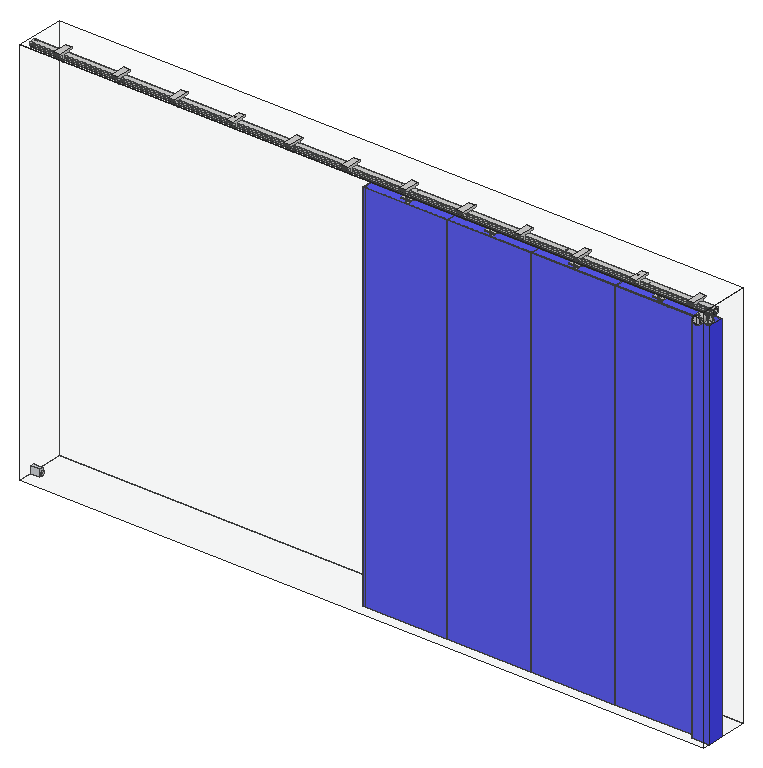
Revit family "Somati-System_SGS_Horizontal-fire-sliding-door_9050_ceiling_EI120_W-to-H-less-or-equal-1,3", category Doors, host Wall, Revit 2018
Family settings
  Host = Wall
  OmniClass Number = 23.30.10.00
  OmniClass Title = Doors
  Always vertical = Yes
  Cut with Voids When Loaded = No
  Shared = No
  Room Calculation Point = No
Parameters (values of type "EI 120")
  Youtube clip = "https://www.youtube.com/watch?v=pRjbxBvixFY&feature=emb_logo"
  Wing top offset [instance] = 136 mm  # constant formula
  Wing thickness = 81.2 mm
  Wing access (D) [instance] = [Width (W)] + 200 mm  # 3700 mm
  Width (W) [instance] = 3500 mm
  Weight Net (Kg) = "0"
  Uniformat II Description = ""
  Uniformat II Code = ""
  Uniclass 2015 Name = ""
  Uniclass 2015 Code = ""
  Uniclass 2.0 Description = ""
  Uniclass 2.0 Code = ""
  Uniclass 1.4 Description = ""
  Uniclass 1.4 Code = ""
  UNSPSC Code = ""
  Total height (Z) [instance] = Height Control + 302 mm  # 4302 mm
  Thickness = 0 mm
  Technical description = "https://somati-system.pl/en/download/sgs-download-en/"
  Region South America = "None"
  Region Oceania = "None"
  Region North America = "None"
  Region Middle East = "None"
  Region Europe = "AD, AL, AT, AX, BA, BE, BG, BY, CH, CY, CZ, DE, DK, EE, ES, FI, FO, FR, GB, GG, GI, GR, HR, HU, IE, IM, IS, IT, JE, LI, LT, LU, LV, MC, MD, ME, MK, MT, NL, NO, PL, PT, RO, RS, RU, SE, SI, SJ, SK, SM, UA, VA"
  Region Asia = "None"
  Region Antarctica = "None"
  Region Africa = "None"
  Rail and assembly materials [instance] = Somati - Stainless Steel - 7035
  QR code = "http://bimobject.com/somati-system/product/SGS_HORIZONTAL_FIRE_SLIDING_DOOR"
  Product url = "https://somati-system.pl/en/products/sgs-horizontal-fire-sliding-doors/"
  Product group = "SGS"
  Product family = "SGS"
  Product data url = "https://bimobject.com/somati-system/product/SGS_HORIZONTAL_FIRE_SLIDING_DOOR"
  Product certification = ""
  Product SKU = "SGS_HORIZONTAL_FIRE_SLIDING_DOOR"
  Product Guid = "8235eb12-0acf-4b60-9ca9-7613396e8d01"
  Power supply of control panel = "230V/50Hz/6A"  # constant formula
  Panel width [instance] = ([Width (W)] + 205 mm) / Number of panels in wing  # 926.25 mm
  Panel material = Somati - Stainless Steel - Custom
  Panel height [instance] = Height Control + Wing top offset  # 4136 mm
  OmniClass Description = ""
  OmniClass Code = ""
  Offset Right [instance] = [Counterweight housing (A2)]  # 210 mm
  Offset Left [instance] = [Counterweight housing (A2)]  # 210 mm
  Number of panels in wing [instance] = roundup([Width (W)] / 1000 mm)  # 4
  Number of hangers [instance] = ([Guide rail length (K)] - 210 mm) / 600 mm  # 12
  Nominal width = 0 mm
  Nominal height = 0 mm
  NBS Reference Description = ""
  NBS Reference Code = ""
  Model = "SGS"  # constant formula
  Max number of opening cycles = 50000  # constant formula
  Material secondary = "Composite"
  Material main = "Steel"
  Masterformat 2014 Description = ""
  Masterformat 2014 Code = ""
  Manufacturer name = "Somati System"
  Manufacturer country = "Poland"
  Manufacturer = "Somati System"  # constant formula
  Installation instructions = ""
  IFC Classification = ""
  Height Control [instance] = if([Height (H)] < 3501 mm, 3501 mm, [Height (H)])  # 4000 mm
  Height (H) [instance] = 4000 mm
  Guide rail lower edge (B1) [instance] = Height Control + 170 mm  # 4170 mm
  Guide rail length (K) [instance] = [Wing access (D)] + [Width (W)] + [Counterweight housing (A2)]  # 7410 mm
  Gate Control type = "Electromagnetic brake"  # constant formula
  GTIN code = ""
  Function = Interior
  Height = 2000 mm
  Wall Closure = By host
  Width = 1000 mm
  Fire resistance = "EI 60, EI 120 n"  # constant formula
  Edition number = 1
  Design country = "Poland"
  Date of publishing = ""
  Counterweight housing (A2) [instance] = if([Width (W)] / Height Control > 1.3, 360 mm, 210 mm)  # 210 mm
  Console mounting axis (B2) [instance] = if(Height Control > 3500 mm, Height Control + 239 mm, Height Control + 179 mm)  # 4239 mm
  Clearance Area Visibility [instance] = yes
  COBIe Type Category = ""
  Buffer (A1) [instance] = [Wing access (D)] + 130 mm  # 3830 mm
  Brand url = ""
  BIMobject main category code = "doors"
  BIMobject main category = "Doors"
  BIMobject category code = "doors-fire"
  BIMobject category = "Fire Doors & Shutters"
  Available surface fnish = "Galvanized Stainless Steel PVC, MDF, HDF, laminate or veneer, STANDARD RAL 7035, 9002, 9006, 9010, and powder coating of whole RAL pallet"  # constant formula
Reference planes
  plane 1: y = 0
  plane 2 "Center (Left/Right)": x = 0
  plane 3 "Left": x = -1750
  plane 4 "Right": x = 1750
  plane 5 "Cutout height": z = 4000
  plane 6 "Exterior": y = 150
  plane 7 "Interior": y = -150
  plane 8 "Consoles mounting axis": z = 4239
  plane 9 "Total height top": z = 4302
  plane 10 "Guide rail bottom": z = 4170
  plane 11 "Wing access": x = -5450
  plane 12 "Buffer placement": x = -5580
  plane 13 "Counterweight housing": x = 1960
  plane 14 "Handle": z = 1050
  plane 15 "Wing end left": x = -1895
  plane 16 "Wing end top": z = 4136
  plane 17 "Wing end right": x = 1810
  plane 18: y = -324
  plane 19 "Wing axis": y = -237.5
  plane 20: y = -75
  plane 21 "aaa": y = -196.9
  plane 22: y = -278.1
  plane 23: x = -1897
  plane 24 "end of hangers": x = -5240
  plane 25: x = -1040
  plane 26: x = -1795
  plane 27: y = -303.1
  plane 28: y = -159.9
  plane 29: x = 1960
  plane 30: z = 4202
  plane 31: x = 1885
  plane 32: y = -406.495
Forms (mm)
  Sweep 1, solid
    path origin (0, -150, 0) x (1, 0, 0) y (0, 0, 1)
      loop
        line (-1750, 0) -> (-1750, 3982) -> (1750, 3982)
    profile origin (-1750, -150, 1991) x (-1, 0, 0) y (0, -1, 0)
      loop
        line (5, 33) -> (5, 4)
        arc (5, 4) -> (6.172, 1.172) -> (9, 0) r 4
        line (9, 0) -> (107.587, 0)
        arc (107.587, 0) -> (110.415, 1.172) -> (111.587, 4) r 4
        line (111.587, 4) -> (111.587, 29)
        arc (111.587, 29) -> (112.173, 30.414) -> (113.587, 31) r 2
        line (113.587, 31) -> (134.587, 31) -> (134.587, 33) -> (5, 33)
  Sweep 2, solid, material "Somati - Stainless Steel - Custom" <- "Panel material"
    path origin (0, -150, 0) x (1, 0, 0) y (0, 0, 1)
      loop
        line (-1895, 4136) -> (-1895, 0)
    profile origin (-1895, -150, 2068) x (0, -1, 0) y (1, 0, 0)
      loop
        arc (9.9, 2) -> (11.072, -0.828) -> (13.9, -2) r 4
        line (13.9, -2) -> (126.1, -2)
        arc (126.1, -2) -> (128.928, -0.828) -> (130.1, 2) r 4
        line (130.1, 2) -> (130.1, 13) -> (128.1, 13) -> (128.1, 2)
        arc (128.1, 2) -> (127.514, 0.586) -> (126.1, 0) r 2
        line (126.1, 0) -> (13.9, 0)
        arc (13.9, 0) -> (12.486, 0.586) -> (11.9, 2) r 2
        line (11.9, 2) -> (11.9, 23) -> (9.9, 23) -> (9.9, 2)
  Sweep 3, solid, material "Somati - Stainless Steel - Custom" <- "Panel material"
    path origin (0, -150, 0) x (1, 0, 0) y (0, 0, 1)
      loop
        line (-1897, 4136) -> (1810, 4136)
    profile origin (-43.5, -150, 4136) x (0, 0, 1) y (0, -1, 0)
      loop
        line (-23, 19.5) -> (-23, 17.5) -> (-2, 17.5)
        arc (-2, 17.5) -> (0.828, 18.672) -> (2, 21.5) r 4
        line (2, 21.5) -> (2, 117.5) -> (0, 117.5) -> (0, 21.5)
        arc (0, 21.5) -> (-0.586, 20.086) -> (-2, 19.5) r 2
        line (-2, 19.5) -> (-23, 19.5)
  Sweep 4, solid, material "Somati - Stainless Steel - Custom" <- "Panel material"
    path origin (0, -150, 0) x (1, 0, 0) y (0, 0, 1)
      loop
        line (1960, 4136) -> (1960, 0)
    profile origin (1960, -150, 2068) x (0, -1, 0) y (1, 0, 0)
      loop
        line (174, -198) -> (174, 0) -> (0, 0) -> (0, -201) -> (33, -201) -> (33, -152) -> (137, -152) -> (137, -198) -> (174, -198)
      loop
        line (2, -150) -> (140, -150) -> (140, -195) -> (170, -195) -> (170, -3) -> (2, -3) -> (2, -150)
  Sweep 5, solid, material "Somati - Stainless Steel - 7035" <- "Rail and assembly materials"
    path origin (0, -150, -4.5) x (1, 0, 0) y (0, 0, 1)
      loop
        line (-5580, 4170) -> (1960, 4170)
    profile origin (-1810, -150, 4165.5) x (0, 0, 1) y (0, -1, 0)
      loop
        line (102.5, 57.25) -> (79.893, 57.25) -> (54.812, 63.938) -> (52.5, 66.25) -> (52.5, 77.75) -> (49.5, 77.75) -> (49.5, 67.628)
        arc (49.5, 67.628) -> (50.949, 63.363) -> (54.696, 60.864) r 7
        line (54.696, 60.864) -> (78.614, 54.486)
        arc (78.614, 54.486) -> (79.508, 54.309) -> (80.417, 54.25) r 7
        line (80.417, 54.25) -> (102.5, 54.25)
        arc (102.5, 54.25) -> (107.45, 56.3) -> (109.5, 61.25) r 7
        line (109.5, 61.25) -> (109.5, 112.25)
        arc (109.5, 112.25) -> (107.45, 117.2) -> (102.5, 119.25) r 7
        line (102.5, 119.25) -> (80.417, 119.25)
        arc (80.417, 119.25) -> (79.508, 119.191) -> (78.614, 119.014) r 7
        line (78.614, 119.014) -> (54.696, 112.636)
        arc (54.696, 112.636) -> (50.949, 110.137) -> (49.5, 105.872) r 7
        line (49.5, 105.872) -> (49.5, 95.75) -> (52.5, 95.75) -> (52.5, 107.25) -> (54.812, 109.562) -> (79.893, 116.25) -> (102.5, 116.25)
        arc (102.5, 116.25) -> (105.328, 115.078) -> (106.5, 112.25) r 4
        line (106.5, 112.25) -> (106.5, 61.25)
        arc (106.5, 61.25) -> (105.328, 58.422) -> (102.5, 57.25) r 4
  Extrusion 6, solid, material "Clearance Areas", visible <- "Clearance Area Visibility"
    sketch origin (-2209.467, 358.585, 220.701) x (1, 0, 0) y (0, 0, -1)
      loop
        line (-3370.533, 220.701) -> (-3370.533, -4081.299) -> (4169.467, -4081.299) -> (4169.467, 220.701) -> (-3370.533, 220.701)
    from -765.08 to -208.585
  Sweep 7, solid, material "Somati - Stainless Steel - Custom" <- "Panel material"
    path origin (0, -150, 0) x (1, 0, 0) y (0, 0, 1)
      loop
        line (1750, 0) -> (1750, 4136)
    profile origin (1750, -150, 2068) x (-1, 0, 0) y (0, -1, 0)
      loop
        line (-9, 0) -> (-9, 33) -> (-58, 33) -> (-58, 124) -> (-12, 124) -> (-12, 161) -> (-60, 161) -> (-60, 0) -> (-9, 0)
Lines and regions (mm)
  Opening 1
    outline origin (-3050, -150, 0) x (1, 0, 0) y (0, 0, 1)
      loop
        line (1300, 0) -> (4800, 0) -> (4800, 4000) -> (1300, 4000) -> (1300, 0)
Text (mm)
  text "Exterior" at (-2295.016, 1099.543, 0), in view "Ref. Level"
  text "Exterior" at (0, 1615.38, 3698.081), in view "Left"
  text "Exterior" at (0, 1036.032, 3874.932), in view "Right"
Dimensions and locks
  equal spacing: plane 3 "Left", plane 2 "Center (Left/Right)", plane 4 "Right"
  "Width (W)": plane 3 "Left" to plane 4 "Right"
  "Height Control": plane 5 "Cutout height" to host wall
  host wall to plane 5 "Cutout height" = 4000 mm  (x2)
  locked: plane 6 "Exterior" to host wall at 0
  locked: plane 7 "Interior" to host wall
  "Total height (Z)": plane 9 "Total height top" to level
  "Console mounting axis (B2)": plane 8 "Consoles mounting axis" to level
  "Guide rail lower edge (B1)": plane 10 "Guide rail bottom" to level
  "Buffer (A1)": plane 12 "Buffer placement" to plane 3 "Left"
  "Counterweight housing (A2)": plane 4 "Right" to plane 13 "Counterweight housing"
  "Wing access (D)": plane 11 "Wing access" to plane 3 "Left"
  locked: plane 14 "Handle" to level at 1050
  equal spacing: plane 21 "aaa", plane 19 "Wing axis", plane 22
  equal spacing: group 1, group 6, group 14, group 2  (x3)
  locked: plane 4 "Right" to plane 17 "Wing end right" at 60
  "Wing top offset": plane 16 "Wing end top" to plane 5 "Cutout height"
  locked: plane 23 to plane 15 "Wing end left" at 2
  locked: Sweep 1 sketch curve to plane 5 "Cutout height" at 18
  locked: plane 24 "end of hangers" to plane 11 "Wing access" at 210
  equal spacing: group 4, group 16, group 15, group 13, group 12, group 11, group 10, group 9, group 8, group 7, group 5, group 3
  equal spacing: group 3, group 5, group 7, group 8, group 9, group 10, group 11, group 12, group 13, group 15, group 16, group 4  (x2)
  locked: plane 26 to plane 3 "Left" at 45
  locked: plane 28 to plane 21 "aaa" at 37
  locked: plane 22 to plane 27 at 25
  locked: plane 15 "Wing end left" to plane 3 "Left" at 145
  locked: Sweep 4 sketch curve to Sweep 4 sketch curve at 3
  "Offset Right": plane 4 "Right" to plane 29
  nested 4 to Sweep 5 = 3 mm
  locked: plane 19 "Wing axis" to host wall at 87.5
  locked: plane 30 to plane 16 "Wing end top" at 66
  equal spacing: plane 17 "Wing end right", plane 31, plane 29
  locked: host wall to plane 32 at 256.495
  aligned and locked: plane 3 "Left" to Opening 1 sketch curve
  aligned and locked: plane 5 "Cutout height" to Opening 1 sketch curve  (x2)
  aligned and locked: Opening 1 sketch curve to plane 4 "Right"
  aligned and locked: Opening 1 sketch curve to level
  aligned and locked: host wall to plane 1
  aligned and locked: nested 1 to plane 19 "Wing axis"
  aligned and locked: plane 15 "Wing end left" to nested 1
  aligned and locked: plane 17 "Wing end right" to nested 2
  aligned and locked: Sweep 1 sketch curve to plane 3 "Left"  (x2)
  aligned and locked: Sweep 1 sketch curve to plane 4 "Right"
  aligned and locked: level to Sweep 1 sketch curve
  aligned and locked: Sweep 2 sketch curve to plane 15 "Wing end left"
  aligned and locked: plane 16 "Wing end top" to Sweep 2 sketch curve
  aligned and locked: level to Sweep 2 sketch curve
  aligned and locked: Sweep 3 sketch curve to plane 16 "Wing end top"
  aligned and locked: Sweep 3 sketch curve to plane 23
  aligned and locked: plane 16 "Wing end top" to Sweep 4 sketch curve
  aligned and locked: plane 17 "Wing end right" to Sweep 3 sketch curve
  aligned and locked: nested 3 to plane 9 "Total height top"
  aligned and locked: nested 3 to plane 19 "Wing axis"
  aligned and locked: nested 3 to plane 4 "Right"
  aligned and locked: nested 4 to plane 24 "end of hangers"
  aligned and locked: nested 4 to plane 9 "Total height top"
  aligned and locked: plane 6 "Exterior" to Extrusion 6
  aligned and locked: plane 13 "Counterweight housing" to Extrusion 6
  aligned and locked: Extrusion 6 to plane 12 "Buffer placement"
  aligned and locked: plane 9 "Total height top" to Extrusion 6
  aligned and locked: nested 2 to plane 19 "Wing axis"
  aligned and locked: plane 19 "Wing axis" to nested 4
  aligned and locked: profile plane to Sweep 4 sketch curve
  aligned and locked: plane 17 "Wing end right" to Sweep 4 sketch curve
  aligned and locked: nested 6 to plane 19 "Wing axis"
  aligned and locked: nested 6 to plane 12 "Buffer placement"
  aligned and locked: Sweep 7 sketch curve to plane 4 "Right"
  aligned and locked: plane 16 "Wing end top" to Sweep 7 sketch curve
  aligned and locked: plane 29 to Sweep 5 sketch curve
  aligned and locked: nested 18 to plane 30
  aligned and locked: plane 19 "Wing axis" to nested 18
  aligned and locked: plane 31 to nested 18
  aligned and locked: Extrusion 6 to plane 32
  aligned and locked: plane 12 "Buffer placement" to Sweep 5 sketch curve
Automatic sketch dimensions
  Sweep 3 sketch curve to Sweep 3 sketch curve = 0 mm  (x2)
  profile plane to Sweep 3 sketch curve = 0 mm
  profile plane to Sweep 3 sketch curve = 2 mm
  Sweep 3 sketch curve to Sweep 3 sketch curve = 21 mm
  Sweep 3 sketch curve to Sweep 3 sketch curve = 2 mm
  plane 7 "Interior" to Sweep 3 sketch curve = 17.5 mm
  Sweep 3 sketch curve to Sweep 3 sketch curve = 96 mm
  Sweep 4 sketch curve to level = 0 mm
  Sweep 4 sketch curve to plane 13 "Counterweight housing" = 0 mm
  plane 7 "Interior" to Sweep 4 sketch curve = 0 mm
  plane 7 "Interior" to Sweep 4 sketch curve = 2 mm
  Sweep 4 sketch curve to Sweep 4 sketch curve = 31 mm
  Sweep 4 sketch curve to Sweep 4 sketch curve = 104 mm
  Sweep 4 sketch curve to Sweep 4 sketch curve = 3 mm  (x2)
  Sweep 4 sketch curve to Sweep 4 sketch curve = 30 mm
  Sweep 4 sketch curve to Sweep 4 sketch curve = 4 mm
  Sweep 4 sketch curve to Sweep 4 sketch curve = 2 mm
  Sweep 4 sketch curve to Sweep 4 sketch curve = 45 mm
  Sweep 4 sketch curve to Sweep 4 sketch curve = 49 mm
  Extrusion 6 sketch curve to plane 9 "Total height top" = 0 mm
  Extrusion 6 sketch curve to plane 12 "Buffer placement" = 0 mm
  Extrusion 6 sketch curve to plane 13 "Counterweight housing" = 0 mm
  Extrusion 6 sketch curve to level = 0 mm
  Sweep 7 sketch curve to plane 14 "Handle" = 1050 mm
  plane 7 "Interior" to Sweep 7 sketch curve = 0 mm
  profile plane to Sweep 7 sketch curve = 60 mm
  Sweep 7 sketch curve to Sweep 7 sketch curve = 2 mm
  profile plane to Sweep 7 sketch curve = 12 mm
  profile plane to Sweep 7 sketch curve = 9 mm
  plane 7 "Interior" to Sweep 7 sketch curve = 33 mm
  Sweep 7 sketch curve to Sweep 7 sketch curve = 91 mm
  Sweep 7 sketch curve to Sweep 7 sketch curve = 37 mm
  Sweep 5 sketch curve to plane 10 "Guide rail bottom" = 4.5 mm
  Sweep 5 sketch curve to Sweep 5 sketch curve = 0 mm  (x4)
  Sweep 5 sketch curve to profile plane = 49.5 mm  (x2)
  Sweep 5 sketch curve to Sweep 5 sketch curve = 3 mm  (x3)
  Sweep 5 sketch curve to Sweep 5 sketch curve = 2.196 mm  (x2)
  Sweep 5 sketch curve to Sweep 5 sketch curve = 0.115 mm  (x2)
  Sweep 5 sketch curve to Sweep 5 sketch curve = 1.688 mm  (x2)
  Sweep 5 sketch curve to Sweep 5 sketch curve = 23.917 mm  (x2)
  Sweep 5 sketch curve to Sweep 5 sketch curve = 1.279 mm  (x2)
  Sweep 5 sketch curve to Sweep 5 sketch curve = 0.524 mm  (x2)
  Sweep 5 sketch curve to Sweep 5 sketch curve = 22.083 mm  (x2)
  Sweep 5 sketch curve to Sweep 5 sketch curve = 4 mm  (x2)
  plane 7 "Interior" to Sweep 5 sketch curve = 54.25 mm
  Sweep 5 sketch curve to Sweep 5 sketch curve = 0.236 mm
  Sweep 5 sketch curve to Sweep 5 sketch curve = 6.378 mm  (x2)
  Sweep 5 sketch curve to Sweep 5 sketch curve = 3.074 mm  (x2)
  Sweep 5 sketch curve to Sweep 5 sketch curve = 2.312 mm
  Sweep 5 sketch curve to Sweep 5 sketch curve = 10.122 mm  (x2)
  Sweep 5 sketch curve to Sweep 5 sketch curve = 18 mm
  Sweep 5 sketch curve to Sweep 5 sketch curve = 1.378 mm
  plane 7 "Interior" to Sweep 1 sketch curve = 0 mm
  Sweep 1 sketch curve to profile plane = 5 mm
  Sweep 1 sketch curve to Sweep 1 sketch curve = 4 mm
  plane 7 "Interior" to Sweep 1 sketch curve = 4 mm
  Sweep 1 sketch curve to Sweep 1 sketch curve = 98.587 mm
  Sweep 1 sketch curve to Sweep 1 sketch curve = 2 mm
  Sweep 1 sketch curve to Sweep 1 sketch curve = 21 mm
  Sweep 1 sketch curve to Sweep 1 sketch curve = 25 mm
  Sweep 1 sketch curve to Sweep 1 sketch curve = 29 mm
  Sweep 2 sketch curve to Sweep 2 sketch curve = 0 mm  (x4)
  Sweep 2 sketch curve to profile plane = 0 mm
  Sweep 2 sketch curve to profile plane = 2 mm  (x2)
  plane 7 "Interior" to Sweep 2 sketch curve = 9.9 mm
  Sweep 2 sketch curve to Sweep 2 sketch curve = 2 mm
  Sweep 2 sketch curve to Sweep 2 sketch curve = 112.2 mm
  Sweep 2 sketch curve to Sweep 2 sketch curve = 11 mm
  Sweep 2 sketch curve to Sweep 2 sketch curve = 21 mm
Nested families
  nested 1: "Family2" at (-1431.875, -237.5, 0), Material <- "Panel material", Width <- "Panel width", Thickness <- "Wing thickness", Height <- "Panel height", type "Family2"
    with Width 926.25 mm, Thickness 81.2 mm, Material Somati - Stainless Steel - Custom, Height 4136 mm
  nested 2: "Family2" at (1346.875, -237.5, 0), Material <- "Panel material", Width <- "Panel width", Thickness <- "Wing thickness", Height <- "Panel height", type "Family2"
    with Width 926.25 mm, Thickness 81.2 mm, Material Somati - Stainless Steel - Custom, Height 4136 mm
  nested 3: "Family3" at (1716, -237.5, 4302) x (0, 1, 0) z (1, 0, 0), type "Family3", detail levels medium+fine
  nested 4: "Family3" at (-5274, -237.5, 4302) x (0, 1, 0) z (1, 0, 0), type "Family3", detail levels medium+fine
  nested 5: "Family3" at (1080.545, -237.5, 4302) x (0, 1, 0) z (1, 0, 0), type "Family3", detail levels medium+fine
  nested 6: "Stopper" at (-5530.037, -237.5, 0), type "Stopper", detail levels medium+fine
  nested 7: "Family2" at (-505.625, -237.5, 0), Material <- "Panel material", Width <- "Panel width", Thickness <- "Wing thickness", Height <- "Panel height", type "Family2"
    with Width 926.25 mm, Thickness 81.2 mm, Material Somati - Stainless Steel - Custom, Height 4136 mm
  nested 8: "Family3" at (445.091, -237.5, 4302) x (0, 1, 0) z (1, 0, 0), type "Family3", detail levels medium+fine
  nested 9: "Family3" at (-190.364, -237.5, 4302) x (0, 1, 0) z (1, 0, 0), type "Family3", detail levels medium+fine
  nested 10: "Family3" at (-825.818, -237.5, 4302) x (0, 1, 0) z (1, 0, 0), type "Family3", detail levels medium+fine
  nested 11: "Family3" at (-1461.273, -237.5, 4302) x (0, 1, 0) z (1, 0, 0), type "Family3", detail levels medium+fine
  nested 12: "Family3" at (-2096.727, -237.5, 4302) x (0, 1, 0) z (1, 0, 0), type "Family3", detail levels medium+fine
  nested 13: "Family3" at (-2732.182, -237.5, 4302) x (0, 1, 0) z (1, 0, 0), type "Family3", detail levels medium+fine
  nested 14: "Family3" at (-3367.636, -237.5, 4302) x (0, 1, 0) z (1, 0, 0), type "Family3", detail levels medium+fine
  nested 15: "Family2" at (420.625, -237.5, 0), Material <- "Panel material", Width <- "Panel width", Thickness <- "Wing thickness", Height <- "Panel height", type "Family2"
    with Width 926.25 mm, Thickness 81.2 mm, Material Somati - Stainless Steel - Custom, Height 4136 mm
  nested 16: "Family3" at (-4003.091, -237.5, 4302) x (0, 1, 0) z (1, 0, 0), type "Family3", detail levels medium+fine
  nested 17: "Family3" at (-4638.545, -237.5, 4302) x (0, 1, 0) z (1, 0, 0), type "Family3", detail levels medium+fine
  nested 18: "brake" at (1885, -237.5, 4181.165) x (1, 0, 0) z (0, -1, 0), type "brake"
Definition of nested family "Family2"
  Parameters (values of type "Family2")
    Width [instance] = 349.761 mm
    Thickness [instance] = 117.742 mm
    Material [instance] = none
    Height [instance] = 398.765 mm
    Hardware material = none
  Reference planes
    plane 1 "Center (Front/Back)": y = 0
    plane 2: z = 0
    plane 3 "Center (Left/Right)": x = 0
    plane 4: x = -174.88
    plane 5: x = 174.88
    plane 6: y = 58.871
    plane 7: y = -58.871
    plane 8: z = 398.765
  Forms (mm)
    Extrusion 1, solid, material <- "Material"
      sketch origin (0, 0, 0) x (1, 0, 0) y (0, 1, 0)
        loop
          line (-174.88, -58.871) -> (174.88, -58.871) -> (174.88, 58.871) -> (-174.88, 58.871) -> (-174.88, -58.871)
      from 0 to 398.765
  Dimensions and locks
    equal spacing: plane 4, plane 3 "Center (Left/Right)", plane 5
    "Width": plane 4 to plane 5
    equal spacing: plane 6, plane 1 "Center (Front/Back)", plane 7
    "Thickness": plane 6 to plane 7
    "Height": plane 8 to plane 2
    aligned and locked: level to plane 2
    aligned and locked: plane 6 to Extrusion 1
    aligned and locked: Extrusion 1 to plane 7
    aligned and locked: Extrusion 1 to plane 4
    aligned and locked: plane 5 to Extrusion 1
    aligned and locked: plane 6 to Extrusion 1 sketch curve
    aligned and locked: Extrusion 1 sketch curve to plane 7
    aligned and locked: Extrusion 1 sketch curve to plane 4
    aligned and locked: plane 5 to Extrusion 1 sketch curve
    aligned and locked: plane 8 to Extrusion 1
    aligned and locked: plane 3 "Center (Left/Right)" to nested 1
    aligned and locked: plane 1 "Center (Front/Back)" to nested 1
    aligned and locked: nested 1 to plane 8
  Nested families
    nested 1: "Family1" at (0, 0, 491.765), type "Family1", detail levels medium+fine
  Definition of nested family "Family1"
    Parameters (values of type "Family1")
      Material = none
    Reference planes
      plane 1 "Center (Front/Back)": y = 0
      plane 2: z = 0
      plane 3 "Center (Left/Right)": x = 0
      plane 4: y = 1.5
      plane 5: y = -1.5
      plane 6: z = -93
    Forms (mm)
      Extrusion 1, solid, material <- "Material"
        sketch origin (0, 0, 0) x (0, 1, 0) y (0, 0, 1)
          loop
            arc (-4, -26) -> (0.101, -35.899) -> (10, -40) r 14
            line (10, -40) -> (12, -40)
            arc (12, -40) -> (16.243, -41.757) -> (18, -46) r 6
            line (18, -46) -> (18, -48)
            arc (18, -48) -> (16.243, -52.243) -> (12, -54) r 6
            line (12, -54) -> (-34, -54) -> (-34, -62) -> (12, -62)
            arc (12, -62) -> (21.899, -57.899) -> (26, -48) r 14
            line (26, -48) -> (26, -46)
            arc (26, -46) -> (21.899, -36.101) -> (12, -32) r 14
            line (12, -32) -> (10, -32)
            arc (10, -32) -> (5.757, -30.243) -> (4, -26) r 6
            line (4, -26) -> (4, 38) -> (-4, 38) -> (-4, -26)
        from -55 to 55
      Revolve 2, solid, material <- "Material"
        sketch origin (0, 0, 0) x (1, 0, 0) y (0, 0, 1)
          loop
            line (0, -184) -> (8.5, -184) -> (10, -182.5) -> (10, -94) -> (12.375, -94)
            arc (12.375, -94) -> (14.57, -93.613) -> (16.5, -92.5) r 6.422
            line (16.5, -92.5) -> (16.5, -86)
            arc (16.5, -86) -> (14.667, -84.526) -> (12.375, -84) r 5.254
            line (12.375, -84) -> (10, -84) -> (10, -75) -> (12.375, -75)
            arc (12.375, -75) -> (14.57, -74.613) -> (16.5, -73.5) r 6.422
            line (16.5, -73.5) -> (16.5, -67)
            arc (16.5, -67) -> (14.667, -65.526) -> (12.375, -65) r 5.254
            line (12.375, -65) -> (20, -65) -> (20, -62) -> (0, -62) -> (0, -184)
          loop
            line (16.5, -54) -> (16.5, -43)
            arc (16.5, -43) -> (14.667, -41.526) -> (12.375, -41) r 5.254
            line (12.375, -41) -> (0, -41) -> (0, -54) -> (16.5, -54)
          axis (0, -184) -> (0, -41)
        angle from 0 to 360
      Extrusion 3, void
        sketch origin (0, 0, 23) x (1, 0, 0) y (0, 0, 1)
          loop
            arc (-55, -28.637) -> (0, 15) -> (55, -28.637) r 56.479
            line (55, -28.637) -> (55, 17.5) -> (-55, 17.5) -> (-55, -28.637)
        from -23 to 30.5
      Extrusion 4, solid, material <- "Material"
        sketch origin (25, 0, 12.612) x (1, 0, 0) y (0, 0, 1)
          loop
            circle (70, 0) r 9
        from -7 to -3
      Extrusion 5, solid, material <- "Material"
        sketch origin (25, 0, 12.612) x (1, 0, 0) y (0, 0, -1)
          loop
            circle (70, -1.528) r 25
        from -22 to -9
      Sweep 6, void
        path in 3D
          loop
            arc (70, -9, 14.141) -> (95, -9, -10.859) -> (120, -9, 14.141) r 25
            arc (120, -9, 14.141) -> (95, -9, 39.141) -> (70, -9, 14.141) r 25
        profile origin (95, -9, 39.141) x (0, 0, 1) y (0, 1, 0)
          loop
            line (-1.5, 0) -> (0, -1.5) -> (0.954, -0.546) -> (-0.546, 0.954) -> (-1.5, 0)
      Extrusion 7, solid, material <- "Material"
        sketch origin (25, 0, 12.612) x (1, 0, 0) y (0, 0, -1)
          loop
            circle (70, 0) r 9
        from -7 to -3
      Extrusion 8, solid, material <- "Material"
        sketch origin (-25, 0, 12.612) x (-1, 0, 0) y (0, 0, -1)
          loop
            circle (70, 0) r 9
        from -9 to -1.5
      Extrusion 9, solid, material <- "Material"
        sketch origin (-25, 0, 12.612) x (-1, 0, 0) y (0, 0, 1)
          loop
            circle (70, 0) r 9
        from -9 to -1.5
      Extrusion 10, solid, material <- "Material"
        sketch origin (0, 0, 0) x (1, 0, 0) y (0, 0, 1)
          loop
            line (114, 38) -> (-114, 38)
            arc (-114, 38) -> (-118.243, 36.243) -> (-120, 32) r 6
            line (-120, 32) -> (-120, -6)
            arc (-120, -6) -> (-118.243, -10.243) -> (-114, -12) r 6
            line (-114, -12) -> (-70, -12) -> (-70, -4) -> (-24.592, -4) -> (24.592, -4) -> (70, -4) -> (70, -12) -> (114, -12)
            arc (114, -12) -> (118.243, -10.243) -> (120, -6) r 6
            line (120, -6) -> (120, 32)
            arc (120, 32) -> (118.243, 36.243) -> (114, 38) r 6
        from -1.5 to 1.5
      Revolve 11, solid, material <- "Material"
        sketch origin (0, 0, 0) x (0, 1, 0) y (0, 0, 1)
          loop
            arc (-22.5, -52.2) -> (-24.522, -52.351) -> (-26.5, -52.8) r 13.633
            line (-26.5, -52.8) -> (-26.5, -54) -> (-22.5, -54) -> (-22.5, -52.2)
          axis (-22.5, -54) -> (-22.5, -52.2)
        angle from 0 to 360
      Sweep 12, void
        path in 3D
          loop
            arc (70, -22, 14.141) -> (95, -22, -10.859) -> (120, -22, 14.141) r 25
            arc (120, -22, 14.141) -> (95, -22, 39.141) -> (70, -22, 14.141) r 25
        profile origin (95, -22, 39.141) x (0, 0, -1) y (0, -1, 0)
          loop
            line (1.5, 0) -> (0.546, 0.954) -> (-0.954, -0.546) -> (0, -1.5) -> (1.5, 0)
      Extrusion 13, solid, material <- "Material"
        sketch origin (25, 0, 12.612) x (1, 0, 0) y (0, 0, 1)
          loop
            circle (70, 1.528) r 25
        from -22 to -9
      Sweep 14, void
        path in 3D
          loop
            arc (120, 9, 14.141) -> (95, 9, -10.859) -> (70, 9, 14.141) r 25
            arc (70, 9, 14.141) -> (95, 9, 39.141) -> (120, 9, 14.141) r 25
        profile origin (95, 9, 39.141) x (0, 0, 1) y (0, -1, 0)
          loop
            line (-1.5, 0) -> (0, -1.5) -> (0.954, -0.546) -> (-0.546, 0.954) -> (-1.5, 0)
      Sweep 15, void
        path in 3D
          loop
            arc (70, 22, 14.141) -> (95, 22, -10.859) -> (120, 22, 14.141) r 25
            arc (120, 22, 14.141) -> (95, 22, 39.141) -> (70, 22, 14.141) r 25
        profile origin (95, 22, 39.141) x (0, 0, 1) y (0, 1, 0)
          loop
            line (-1.5, 0) -> (0, -1.5) -> (0.954, -0.546) -> (-0.546, 0.954) -> (-1.5, 0)
      Extrusion 16, solid, material <- "Material"
        sketch origin (-25, 0, 12.612) x (-1, 0, 0) y (0, 0, -1)
          loop
            circle (70, 0) r 9
        from -9 to -3
      Extrusion 17, solid, material <- "Material"
        sketch origin (-25, 0, 12.612) x (-1, 0, 0) y (0, 0, 1)
          loop
            circle (70, 1.528) r 25
        from -22 to -9
      Sweep 18, void
        path in 3D
          loop
            arc (-120, -9, 14.141) -> (-95, -9, -10.859) -> (-70, -9, 14.141) r 25
            arc (-70, -9, 14.141) -> (-95, -9, 39.141) -> (-120, -9, 14.141) r 25
        profile origin (-95, -9, 39.141) x (0, 0, 1) y (0, 1, 0)
          loop
            line (-1.5, 0) -> (0, -1.5) -> (0.954, -0.546) -> (-0.546, 0.954) -> (-1.5, 0)
      Extrusion 19, solid, material <- "Material"
        sketch origin (-25, 0, 12.612) x (-1, 0, 0) y (0, 0, 1)
          loop
            circle (70, 0) r 9
        from -9 to -3
      Sweep 20, void
        path in 3D
          loop
            arc (-70, -22, 14.141) -> (-95, -22, -10.859) -> (-120, -22, 14.141) r 25
            arc (-120, -22, 14.141) -> (-95, -22, 39.141) -> (-70, -22, 14.141) r 25
        profile origin (-95, -22, 39.141) x (0, 0, 1) y (0, -1, 0)
          loop
            line (-1.5, 0) -> (0, -1.5) -> (0.954, -0.546) -> (-0.546, 0.954) -> (-1.5, 0)
      Extrusion 21, solid, material <- "Material"
        sketch origin (-25, 0, 12.612) x (-1, 0, 0) y (0, 0, -1)
          loop
            circle (70, -1.528) r 25
        from -22 to -9
      Sweep 22, void
        path in 3D
          loop
            arc (-70, 9, 14.141) -> (-95, 9, -10.859) -> (-120, 9, 14.141) r 25
            arc (-120, 9, 14.141) -> (-95, 9, 39.141) -> (-70, 9, 14.141) r 25
        profile origin (-95, 9, 39.141) x (0, 0, 1) y (0, -1, 0)
          loop
            line (-1.5, 0) -> (0, -1.5) -> (0.954, -0.546) -> (-0.546, 0.954) -> (-1.5, 0)
      Sweep 23, void
        path in 3D
          loop
            arc (-70, 22, 14.141) -> (-95, 22, -10.859) -> (-120, 22, 14.141) r 25
            arc (-120, 22, 14.141) -> (-95, 22, 39.141) -> (-70, 22, 14.141) r 25
        profile origin (-95, 22, 39.141) x (0, 0, -1) y (0, 1, 0)
          loop
            line (1.5, 0) -> (0.546, 0.954) -> (-0.954, -0.546) -> (0, -1.5) -> (1.5, 0)
    Cuts and joins
      Extrusion 3 cuts Extrusion 1
      Sweep 6, Sweep 12, Sweep 14, Sweep 15, Sweep 18, Sweep 20 cuts Extrusion 5
      Sweep 14, Sweep 15, Sweep 22, Sweep 23 cuts Extrusion 13
      Sweep 18, Sweep 20 cuts Extrusion 17
      Sweep 22, Sweep 23 cuts Extrusion 21
    Lines and regions (mm)
      sketch lines
        curve 1: arc (120, -9, 14.141) -> (95, -9, 39.141) -> (70, -9, 14.141) r 25
        curve 2: arc (70, -9, 14.141) -> (95, -9, -10.859) -> (120, -9, 14.141) r 25
        curve 3: arc (120, -22, 14.141) -> (95, -22, 39.141) -> (70, -22, 14.141) r 25
        curve 4: arc (70, -22, 14.141) -> (95, -22, -10.859) -> (120, -22, 14.141) r 25
        curve 5: arc (70, 9, 14.141) -> (95, 9, 39.141) -> (120, 9, 14.141) r 25
        curve 6: arc (120, 9, 14.141) -> (95, 9, -10.859) -> (70, 9, 14.141) r 25
        curve 7: arc (120, 22, 14.141) -> (95, 22, 39.141) -> (70, 22, 14.141) r 25
        curve 8: arc (70, 22, 14.141) -> (95, 22, -10.859) -> (120, 22, 14.141) r 25
        curve 9: arc (-70, -9, 14.141) -> (-95, -9, 39.141) -> (-120, -9, 14.141) r 25
        curve 10: arc (-120, -9, 14.141) -> (-95, -9, -10.859) -> (-70, -9, 14.141) r 25
        curve 11: arc (-120, -22, 14.141) -> (-95, -22, 39.141) -> (-70, -22, 14.141) r 25
        curve 12: arc (-70, -22, 14.141) -> (-95, -22, -10.859) -> (-120, -22, 14.141) r 25
        curve 13: arc (-120, 9, 14.141) -> (-95, 9, 39.141) -> (-70, 9, 14.141) r 25
        curve 14: arc (-70, 9, 14.141) -> (-95, 9, -10.859) -> (-120, 9, 14.141) r 25
        curve 15: arc (-120, 22, 14.141) -> (-95, 22, 39.141) -> (-70, 22, 14.141) r 25
        curve 16: arc (-70, 22, 14.141) -> (-95, 22, -10.859) -> (-120, 22, 14.141) r 25
    Dimensions and locks
      aligned and locked: level to plane 2
Definition of nested family "Family3"
  Parameters (values of type "Family3")
    Material = none
    Default Elevation = 1219.2 mm
  Reference planes
    plane 1 "Center (Front/Back)": y = 0
    plane 2: z = 0
    plane 3 "Center (Left/Right)": x = 0
    plane 4: z = 34
    plane 5: y = -35.027
  Forms (mm)
    Extrusion 1, solid, material <- "Material"
      sketch origin (-42.203, -131.551, 0) x (1, 0, 0) y (0, 1, 0)
        loop
          line (127.203, 121.551) -> (127.203, 131.551) -> (-42.797, 131.551) -> (-42.797, 121.551) -> (-42.797, 113.551) -> (11.703, 113.551)
          arc (11.703, 113.551) -> (4.632, 110.622) -> (1.703, 103.551) r 10
          line (1.703, 103.551) -> (1.703, 69.862)
          arc (1.703, 69.862) -> (1.787, 68.562) -> (2.04, 67.285) r 10
          line (2.04, 67.285) -> (7.723, 45.974)
          arc (7.723, 45.974) -> (11.293, 40.621) -> (17.385, 38.551) r 10
          line (17.385, 38.551) -> (29.703, 38.551) -> (29.703, 44.551) -> (17.385, 44.551)
          arc (17.385, 44.551) -> (14.948, 45.379) -> (13.52, 47.52) r 4
          line (13.52, 47.52) -> (7.838, 68.831)
          arc (7.838, 68.831) -> (7.737, 69.342) -> (7.703, 69.862) r 4
          line (7.703, 69.862) -> (7.703, 103.551)
          arc (7.703, 103.551) -> (8.874, 106.38) -> (11.703, 107.551) r 4
          line (11.703, 107.551) -> (72.703, 107.551)
          arc (72.703, 107.551) -> (75.531, 106.38) -> (76.703, 103.551) r 4
          line (76.703, 103.551) -> (76.703, 69.862)
          arc (76.703, 69.862) -> (76.669, 69.342) -> (76.568, 68.831) r 4
          line (76.568, 68.831) -> (70.885, 47.52)
          arc (70.885, 47.52) -> (69.457, 45.379) -> (67.02, 44.551) r 4
          line (67.02, 44.551) -> (54.703, 44.551) -> (54.703, 38.551) -> (67.02, 38.551)
          arc (67.02, 38.551) -> (73.112, 40.621) -> (76.682, 45.974) r 10
          line (76.682, 45.974) -> (82.365, 67.285)
          arc (82.365, 67.285) -> (82.618, 68.562) -> (82.703, 69.862) r 10
          line (82.703, 69.862) -> (82.703, 103.551)
          arc (82.703, 103.551) -> (79.774, 110.622) -> (72.703, 113.551) r 10
          line (72.703, 113.551) -> (127.203, 113.551) -> (127.203, 121.551)
      from 0 to 68
  Dimensions and locks
    aligned and locked: level to plane 2
Definition of nested family "Stopper"
  Parameters (values of type "Stopper")
    Material = none
  Reference planes
    plane 1 "Center (Front/Back)": y = 0
    plane 2: z = 0
    plane 3 "Center (Left/Right)": x = 0
  Forms (mm)
    Extrusion 1, solid
      sketch origin (0, -69.316, 40.1) x (1, 0, 0) y (0, 1, 0)
        loop
          line (-49.963, 50.816) -> (50, 50.816) -> (50, 87.816) -> (-49.963, 87.816) -> (-49.963, 50.816)
      from -40 to 40
    Revolve 2, solid, material <- "Material"
      sketch origin (0, -18.5, 40.1) x (1, 0, 0) y (0, 1, 0)
        loop
          line (50, 36.9) -> (50, 18.5) -> (67.112, 18.5) -> (67.112, 36.9) -> (50, 36.9)
        axis (50, 18.5) -> (67.112, 18.5)
      angle from 0 to 360
  Dimensions and locks
    aligned and locked: level to plane 2
Definition of nested family "brake"
  Parameters (values of type "brake")
    Material = none
    Default Elevation = 1219.2 mm
  Reference planes
    plane 1 "Center (Front/Back)": y = 0
    plane 2: z = 0
    plane 3 "Center (Left/Right)": x = 0
    plane 4: z = 0
  Forms (mm)
    Revolve 1, solid, material <- "Material", detail levels medium+fine
      sketch origin (-1.83, 20.835, 169) x (0, 1, 0) y (0, 0, -1)
        loop
          line (0, 113.55) -> (0, 0) -> (43.75, 0)
          arc (43.75, 0) -> (44.457, 0.293) -> (44.75, 1) r 1
          line (44.75, 1) -> (44.75, 14.373) -> (47.25, 17.352) -> (47.25, 76) -> (45.25, 78) -> (47.5, 78) -> (47.5, 81) -> (21.5, 81) -> (21.5, 89.5)
          arc (21.5, 89.5) -> (21.207, 90.207) -> (20.5, 90.5) r 1
          line (20.5, 90.5) -> (12.5, 90.5) -> (12.5, 93.55) -> (23, 93.55) -> (23, 95.3) -> (48, 95.3) -> (48, 97.8) -> (43.067, 101.346) -> (48, 104.8) -> (48, 107.3) -> (23, 107.3) -> (23, 109.05) -> (12, 109.05) -> (12, 110.55) -> (6, 110.55) -> (6, 112.55) -> (5, 113.55) -> (0, 113.55)
        axis (0, 113.55) -> (0, 0)
      angle from 0 to 360
    Revolve 2, solid, material <- "Material", detail levels medium+fine
      sketch origin (-49.158, 19.721, 169) x (0, 1, 0) y (0, 0, -1)
        loop
          line (-40, 180) -> (-40, 139.5) -> (-30.5, 139.5) -> (-29.03, 140.349) -> (-29.03, 147.5) -> (-26.5, 147.5) -> (-26.5, 150) -> (-33.5, 150) -> (-33.5, 153) -> (-28, 153) -> (-28, 155) -> (-12.5, 155) -> (-12.5, 157) -> (-16.068, 158.552)
          arc (-16.068, 158.552) -> (-18, 161.5) -> (-16.068, 164.448) r 3.214
          line (-16.068, 164.448) -> (-12.5, 166) -> (-12.5, 168) -> (-28, 168) -> (-28, 170) -> (-30.5, 170) -> (-29.03, 170.849) -> (-29.03, 178) -> (-30.5, 178.849) -> (-33.899, 178.849) -> (-35.05, 180) -> (-40, 180)
        axis (-40, 180) -> (-40, 139.5)
      angle from 0 to 360
    Revolve 3, solid, material <- "Material", detail levels medium+fine
      sketch origin (53.17, 20.835, 169) x (0, 1, 0) y (0, 0, -1)
        loop
          line (-7.5, 169) -> (33, 169) -> (33, 173.95) -> (31.95, 175) -> (3, 175) -> (3, 182.5) -> (0.5, 182.5) -> (0.5, 179.97) -> (-6.651, 179.97) -> (-7.5, 178.5) -> (-7.5, 169)
        axis (-7.5, 169) -> (33, 169)
      angle from 0 to 360
    Extrusion 4, solid, material <- "Material"
      sketch origin (-1.83, 20.835, 169) x (0, 1, 0) y (0, 0, -1)
        loop
          arc (3, 154.5) -> (2.561, 153.439) -> (1.5, 153) r 1.5
          line (1.5, 153) -> (-56, 153)
          arc (-56, 153) -> (-58.121, 152.121) -> (-59, 150) r 3
          line (-59, 150) -> (-59, 81)
          arc (-59, 81) -> (-58.121, 78.879) -> (-56, 78) r 3
          line (-56, 78) -> (47.5, 78) -> (47.5, 81) -> (-56, 81) -> (-56, 150) -> (1.5, 150)
          arc (1.5, 150) -> (4.682, 151.318) -> (6, 154.5) r 4.5
          line (6, 154.5) -> (6, 187) -> (3, 187) -> (3, 154.5)
      from -70 to 70
    Revolve 5, solid, material <- "Material", detail levels medium+fine
      sketch origin (-56.83, 20.835, 169) x (0, 1, 0) y (0, 0, 1)
        loop
          line (-7.5, -169) -> (-7.5, -178.5) -> (-6.651, -179.97) -> (0.5, -179.97) -> (0.5, -182.5) -> (3, -182.5) -> (3, -175) -> (31.95, -175) -> (33, -173.95) -> (33, -169) -> (-7.5, -169)
        axis (-7.5, -169) -> (33, -169)
      angle from 0 to 360
    Extrusion 6, void
      sketch origin (-1.83, 68.335, 91) x (1, 0, 0) y (0, -1, 0)
        loop
          line (-69.695, 98.721) -> (-77.865, 98.721) -> (-77.865, -6.279) -> (79.695, -6.279) -> (79.695, 98.721) -> (69.695, 98.721) -> (44.608, 30.233)
          arc (44.608, 30.233) -> (0, -0.933) -> (-44.608, 30.233) r 47.506
          line (-44.608, 30.233) -> (-69.695, 98.721)
      from 0 to 75
    Extrusion 7, solid, material <- "Material", detail levels coarse
      sketch origin (0, 0, 0) x (1, 0, 0) y (0, 1, 0)
        loop
          circle (-1.83, 20.835) r 48
      from 61.7 to 170.45
    Extrusion 8, solid, material <- "Material", detail levels coarse
      sketch origin (0, 0, 0) x (1, 0, 0) y (0, 1, 0)
        loop
          circle (-49.158, -20.279) r 27.5
      from 0 to 14
  Cuts and joins
    Extrusion 6 cuts Revolve 3
    Extrusion 6 cuts Revolve 5
    Extrusion 6 cuts Extrusion 4
  Lines and regions (mm)
    reference lines
      curve 1: line (0, 53.835, 0) -> (0, -57.961, 0)
      curve 2: line (0, 20.835, 55.45) -> (0, 20.835, 170.45)
  Dimensions and locks
    aligned and locked: level to plane 2
